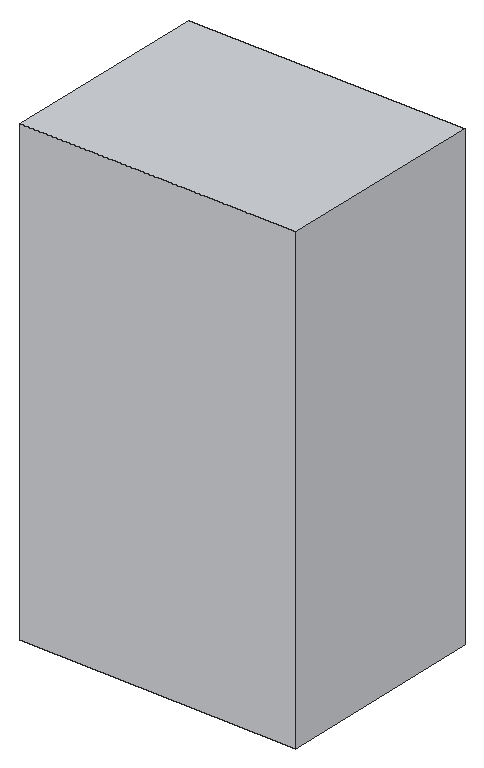
Revit family
Parameters
  Warranty Duration (Years) = 0
  Unit Width [instance] = 1' - 6"
  Unit Height [instance] = 0' - 5 1/2"
  Unit Depth = 0' - 0 3/4"
  URL = "http://www.americanspecialties.com/viewCategories.cfm"
  Trim Material = Metal - Stainless Steel
  Test Data = ""
  Specification = "http://www.arcat.com/sdspecs/htm/10810asi.htm"
  SpecWizard = ""
  Send Message = "http://www.arcat.com/users.pl?action=UserEmail&company=American%20Specialties,%20Inc.&coid=30448&rep=139&fax=914-476-0688&mf="
  Sales Information = "http://www.americanspecialties.com/contact"
  Revision = "R1_10-2010"
  Product Properties = "http://www.americanspecialties.com/datasheets/128-1.pdf"
  Product Data = "http://www.arcat.com/arcatcos/cos30/arc30448.html"
  Model = "As Specified in 10 28 13"
  Manufacturer Website = "http://www.americanspecialties.com/viewCategories.cfm"
  Manufacturer Phone - Toll Free = ""
  Manufacturer Phone = "914-476-9000 "
  Manufacturer Fax = "914-476-0688"
  Manufacturer Address = "441 Saw Mill River Rd., Yonkers, NY 10701"
  Manufacturer = "American Specialties, Inc."
  Maintenance Schedule (Months) = 0
  Keynote = "10 28 13"
  Installation-Fabrication = "http://www.americanspecialties.com/products.cfm"
  Green Building-LEED = ""
  Expected Lifespan (Years) = 0
  Drawn By = "Robert S. Weygant. CSI, CDT, SCIP"  # constant formula
  Description = "Toilet Accessory as Specified in 10 28 13"
  Default Elevation = 4' - 0"
  Copyright = "©Arcat Inc."
  Construction Details = "http://www.arcat.com/green/clients/leed_data_30448.html"
  Building Codes = "http://www.americanspecialties.com/products.cfm"
  Body Material = Metal - Stainless Steel
  Assembly Code = "C1030210"
Reference planes (in)
  plane 1 "Center (Front/Back)": y = -0.29112
  plane 2 "Floor Line": z = 0
  plane 3 "Center (Left/Right)": x = -0.65843
Forms (in)
  Extrusion 1, solid
    sketch origin (-3, -9, -6) x (0, 0, -1) y (1, 0, 0)
      loop
        line (-82, 26) -> (-82, -19.34712) -> (-6, -19.34712) -> (-6, 26) -> (-82, 26)
    from 9 to -25.60721
  Extrusion 2, solid, material "Metal - Stainless Steel" <- "Body Material"
    sketch origin (-6.875, 0.625, 0) x (1, 0, 0) y (0, 1, 0)
      loop
        line (-2.78343, 1.83388) -> (-2.78343, -3.16612)
        arc (-2.78343, -3.16612) -> (-2.63699, -3.51967) -> (-2.28343, -3.66612) r 0.5
        line (-2.28343, -3.66612) -> (14.71657, -3.66612)
        arc (14.71657, -3.66612) -> (15.07012, -3.51967) -> (15.21657, -3.16612) r 0.5
        line (15.21657, -3.16612) -> (15.21657, 1.83388) -> (-2.78343, 1.83388)
      loop
        circle (-1.28343, -2.97862) r 0.18394
      loop
        circle (6.21657, -2.97862) r 0.18394
      loop
        circle (13.71657, -2.97862) r 0.18394
    from 0 to 0.75
  Extrusion 3, solid, material "Metal - Stainless Steel" <- "Body Material"
    sketch origin (-0.65843, 0, 0) x (0, 1, 0) y (0, 0, 1)
      loop
        line (7.95888, 0) -> (7.95888, 0.25) -> (2.70888, 0.25) -> (2.70888, 8) -> (2.45888, 8) -> (2.45888, 0) -> (7.95888, 0)
    from -9 to 9
  Extrusion 4, solid, material "Metal - Stainless Steel" <- "Body Material"
    sketch origin (-0.65843, 0, 0) x (0, 1, 0) y (0, 0, 1)
      loop
        line (7.95888, 0.25) -> (2.70888, 8) -> (2.70888, 0.25) -> (7.95888, 0.25)
    from 8.75 to 9
  Extrusion 5, solid, material "Metal - Stainless Steel" <- "Body Material"
    sketch origin (-0.65843, 0, 0) x (0, 1, 0) y (0, 0, -1)
      loop
        line (7.95888, -0.25) -> (2.70888, -0.25) -> (2.70888, -8) -> (7.95888, -0.25)
    from 8.75 to 9
  Extrusion 6, solid, material "Metal - Stainless Steel" <- "Trim Material"
    sketch origin (-6.19366, 0.01684, -0.125) x (1, 0, 0) y (0, 1, 0)
      loop
        circle (-2.03343, -0.29112) r 0.12196
    from 0.72731 to 0.875
  Revolve 7, solid, material "Metal - Stainless Steel" <- "Trim Material"
    sketch origin (-7.3217, 0.01684, -0.125) x (0, 1, 0) y (0, 0, 1)
      loop
        line (-0.29112, 1.27196) -> (-0.29112, 0.875) -> (0.18146, 0.875)
        spline (0.18146, 0.875) -> (0.17742, 0.92681) -> (0.16536, 0.97774) -> (0.14549, 1.02691) -> (0.11815, 1.07348) -> (0.0838, 1.11665) -> (0.04305, 1.15569) -> (-0.00343, 1.18993) -> (-0.05483, 1.21878) -> (-0.11027, 1.24174) -> (-0.16881, 1.25843) -> (-0.22943, 1.26856) -> (-0.29112, 1.27196)
      axis (-0.29112, 0.875) -> (-0.29112, 1.27196)
    angle from 0 to 360
  Extrusion 8, solid, material "Metal - Stainless Steel" <- "Trim Material"
    sketch origin (-7.3217, 0.01684, -0.125) x (0, 1, 0) y (0, 0, 1)
      loop
        arc (-0.17449, 0.98159) -> (-0.1544, 0.86766) -> (-0.04047, 0.88775) r 0.0818
        line (-0.04047, 0.88775) -> (0.65841, 1.88586)
        arc (0.65841, 1.88586) -> (0.63832, 1.99979) -> (0.52439, 1.9797) r 0.0818
        line (0.52439, 1.9797) -> (-0.17449, 0.98159)
    from -0.04453 to 0.03585
  Extrusion 9, solid, material "Metal - Stainless Steel" <- "Trim Material"
    sketch origin (-8.44974, 0.01684, -0.125) x (-1, 0, 0) y (0, -1, 0)
      loop
        circle (-2.03343, 0.29112) r 0.12196
    from 0.72731 to 0.875
  Extrusion 10, solid, material "Metal - Stainless Steel" <- "Trim Material"
    sketch origin (-1.72491, 0.01684, -0.125) x (1, 0, 0) y (0, 1, 0)
      loop
        circle (-2.03343, -0.29112) r 0.12196
    from 0.72731 to 0.875
  Revolve 11, solid, material "Metal - Stainless Steel" <- "Trim Material"
    sketch origin (-2.85295, 0.01684, -0.125) x (0, 1, 0) y (0, 0, 1)
      loop
        line (-0.29112, 1.27196) -> (-0.29112, 0.875) -> (0.18146, 0.875)
        spline (0.18146, 0.875) -> (0.17742, 0.92681) -> (0.16536, 0.97774) -> (0.14549, 1.02691) -> (0.11815, 1.07348) -> (0.0838, 1.11665) -> (0.04305, 1.15569) -> (-0.00343, 1.18993) -> (-0.05483, 1.21878) -> (-0.11027, 1.24174) -> (-0.16881, 1.25843) -> (-0.22943, 1.26856) -> (-0.29112, 1.27196)
      axis (-0.29112, 0.875) -> (-0.29112, 1.27196)
    angle from 0 to 360
  Extrusion 12, solid, material "Metal - Stainless Steel" <- "Trim Material"
    sketch origin (-2.85295, 0.01684, -0.125) x (0, 1, 0) y (0, 0, 1)
      loop
        arc (-0.17449, 0.98159) -> (-0.1544, 0.86766) -> (-0.04047, 0.88775) r 0.0818
        line (-0.04047, 0.88775) -> (0.65841, 1.88586)
        arc (0.65841, 1.88586) -> (0.63832, 1.99979) -> (0.52439, 1.9797) r 0.0818
        line (0.52439, 1.9797) -> (-0.17449, 0.98159)
    from -0.04453 to 0.03585
  Extrusion 13, solid, material "Metal - Stainless Steel" <- "Trim Material"
    sketch origin (-3.98099, 0.01684, -0.125) x (-1, 0, 0) y (0, -1, 0)
      loop
        circle (-2.03343, 0.29112) r 0.12196
    from 0.72731 to 0.875
  Extrusion 14, solid, material "Metal - Stainless Steel" <- "Trim Material"
    sketch origin (2.74384, 0.01684, -0.125) x (1, 0, 0) y (0, 1, 0)
      loop
        circle (-2.03343, -0.29112) r 0.12196
    from 0.72731 to 0.875
  Revolve 15, solid, material "Metal - Stainless Steel" <- "Trim Material"
    sketch origin (1.6158, 0.01684, -0.125) x (0, 1, 0) y (0, 0, 1)
      loop
        line (-0.29112, 1.27196) -> (-0.29112, 0.875) -> (0.18146, 0.875)
        spline (0.18146, 0.875) -> (0.17742, 0.92681) -> (0.16536, 0.97774) -> (0.14549, 1.02691) -> (0.11815, 1.07348) -> (0.0838, 1.11665) -> (0.04305, 1.15569) -> (-0.00343, 1.18993) -> (-0.05483, 1.21878) -> (-0.11027, 1.24174) -> (-0.16881, 1.25843) -> (-0.22943, 1.26856) -> (-0.29112, 1.27196)
      axis (-0.29112, 0.875) -> (-0.29112, 1.27196)
    angle from 0 to 360
  Extrusion 16, solid, material "Metal - Stainless Steel" <- "Trim Material"
    sketch origin (1.6158, 0.01684, -0.125) x (0, 1, 0) y (0, 0, 1)
      loop
        arc (-0.17449, 0.98159) -> (-0.1544, 0.86766) -> (-0.04047, 0.88775) r 0.0818
        line (-0.04047, 0.88775) -> (0.65841, 1.88586)
        arc (0.65841, 1.88586) -> (0.63832, 1.99979) -> (0.52439, 1.9797) r 0.0818
        line (0.52439, 1.9797) -> (-0.17449, 0.98159)
    from -0.04453 to 0.03585
  Extrusion 17, solid, material "Metal - Stainless Steel" <- "Trim Material"
    sketch origin (0.48776, 0.01684, -0.125) x (-1, 0, 0) y (0, -1, 0)
      loop
        circle (-2.03343, 0.29112) r 0.12196
    from 0.72731 to 0.875
  Extrusion 18, solid, material "Metal - Stainless Steel" <- "Trim Material"
    sketch origin (7.21259, 0.01684, -0.125) x (1, 0, 0) y (0, 1, 0)
      loop
        circle (-2.03343, -0.29112) r 0.12196
    from 0.72731 to 0.875
  Revolve 19, solid, material "Metal - Stainless Steel" <- "Trim Material"
    sketch origin (6.08455, 0.01684, -0.125) x (0, 1, 0) y (0, 0, 1)
      loop
        line (-0.29112, 1.27196) -> (-0.29112, 0.875) -> (0.18146, 0.875)
        spline (0.18146, 0.875) -> (0.17742, 0.92681) -> (0.16536, 0.97774) -> (0.14549, 1.02691) -> (0.11815, 1.07348) -> (0.0838, 1.11665) -> (0.04305, 1.15569) -> (-0.00343, 1.18993) -> (-0.05483, 1.21878) -> (-0.11027, 1.24174) -> (-0.16881, 1.25843) -> (-0.22943, 1.26856) -> (-0.29112, 1.27196)
      axis (-0.29112, 0.875) -> (-0.29112, 1.27196)
    angle from 0 to 360
  Extrusion 20, solid, material "Metal - Stainless Steel" <- "Trim Material"
    sketch origin (6.08455, 0.01684, -0.125) x (0, 1, 0) y (0, 0, 1)
      loop
        arc (-0.17449, 0.98159) -> (-0.1544, 0.86766) -> (-0.04047, 0.88775) r 0.0818
        line (-0.04047, 0.88775) -> (0.65841, 1.88586)
        arc (0.65841, 1.88586) -> (0.63832, 1.99979) -> (0.52439, 1.9797) r 0.0818
        line (0.52439, 1.9797) -> (-0.17449, 0.98159)
    from -0.04453 to 0.03585
  Extrusion 21, solid, material "Metal - Stainless Steel" <- "Trim Material"
    sketch origin (4.95651, 0.01684, -0.125) x (-1, 0, 0) y (0, -1, 0)
      loop
        circle (-2.03343, 0.29112) r 0.12196
    from 0.72731 to 0.875
  Extrusion 22, solid, material "Metal - Stainless Steel" <- "Trim Material", not visible
    sketch origin (-6.19366, 0.01684, 0) x (1, 0, 0) y (0, 1, 0)
      loop
        circle (-2.03343, -0.29112) r 0.12196
    from 0.72731 to 0.875
  Revolve 23, solid, material "Metal - Stainless Steel" <- "Trim Material", not visible
    sketch origin (-7.3217, 0.01684, 0) x (0, 1, 0) y (0, 0, 1)
      loop
        line (-0.29112, 1.27196) -> (-0.29112, 0.875) -> (0.18146, 0.875)
        spline (0.18146, 0.875) -> (0.17742, 0.92681) -> (0.16536, 0.97774) -> (0.14549, 1.02691) -> (0.11815, 1.07348) -> (0.0838, 1.11665) -> (0.04305, 1.15569) -> (-0.00343, 1.18993) -> (-0.05483, 1.21878) -> (-0.11027, 1.24174) -> (-0.16881, 1.25843) -> (-0.22943, 1.26856) -> (-0.29112, 1.27196)
      axis (-0.29112, 0.875) -> (-0.29112, 1.27196)
    angle from 0 to 360
  Extrusion 24, solid, material "Metal - Stainless Steel" <- "Trim Material", not visible
    sketch origin (-7.3217, 0.01684, 0) x (0, 1, 0) y (0, 0, 1)
      loop
        arc (-0.17449, 0.98159) -> (-0.1544, 0.86766) -> (-0.04047, 0.88775) r 0.0818
        line (-0.04047, 0.88775) -> (0.65841, 1.88586)
        arc (0.65841, 1.88586) -> (0.63832, 1.99979) -> (0.52439, 1.9797) r 0.0818
        line (0.52439, 1.9797) -> (-0.17449, 0.98159)
    from -0.04453 to 0.03585
  Extrusion 25, solid, material "Metal - Stainless Steel" <- "Trim Material", not visible
    sketch origin (-8.44974, 0.01684, 0) x (-1, 0, 0) y (0, -1, 0)
      loop
        circle (-2.03343, 0.29112) r 0.12196
    from 0.72731 to 0.875
  Extrusion 26, void
    sketch origin (0, 0, 0) x (1, 0, 0) y (0, 1, 0)
      loop
        circle (-0.65843, 6.45888) r 0.18394
      loop
        circle (-8.15843, 6.45888) r 0.18394
      loop
        circle (6.84157, 6.45888) r 0.18394
    from 0 to 12
Cuts and joins
  Extrusion 26 cuts Extrusion 3
Dimensions and locks (in)
  "Unit Depth": Extrusion 2 to Extrusion 2
  equal spacing: Extrusion 2 sketch curve, plane 1 "Center (Front/Back)", Extrusion 2 sketch curve, locked at 2.75 each
  Extrusion 2 sketch curve to Extrusion 2 sketch curve = 0' - 5 1/2"
  aligned and locked: Extrusion 1 to level
  aligned and locked: Extrusion 2 to Extrusion 3
  aligned and locked: Extrusion 3 to Extrusion 4  (x3)
  aligned and locked: Extrusion 3 to Extrusion 5  (x2)
  aligned and locked: Extrusion 6 to Extrusion 9
  aligned and locked: Extrusion 10 to Extrusion 13
  aligned and locked: Extrusion 14 to Extrusion 17
  aligned and locked: Extrusion 18 to Extrusion 21
  aligned and locked: Extrusion 2 to Extrusion 21
  aligned and locked: Extrusion 2 to Revolve 11
  aligned and locked: Extrusion 2 to Revolve 7
  aligned and locked: Extrusion 2 to Revolve 15
Automatic sketch dimensions
  Extrusion 1 sketch curve to Extrusion 1 sketch curve = 6' - 4"
  Extrusion 1 sketch curve to Extrusion 1 sketch curve = 3' - 9.34712"
  Extrusion 3 sketch curve to level = 0' - 0"
  Extrusion 3 sketch curve to plane 1 "Center (Front/Back)" = 0' - 2 3/4"
  Extrusion 3 sketch curve to Extrusion 3 sketch curve = 0' - 0 1/4"  (x2)
  Extrusion 3 sketch curve to Extrusion 3 sketch curve = 0' - 5 1/4"
  Extrusion 3 sketch curve to Extrusion 3 sketch curve = 0' - 7 3/4"
  level to Extrusion 4 sketch curve = 0' - 0 1/4"
  Extrusion 4 sketch curve to plane 1 "Center (Front/Back)" = 0' - 3"
  Extrusion 4 sketch curve to Extrusion 4 sketch curve = 0' - 5 1/4"
  Extrusion 4 sketch curve to Extrusion 4 sketch curve = 0' - 7 3/4"
  level to Extrusion 5 sketch curve = 0' - 0 1/4"
  Extrusion 5 sketch curve to plane 1 "Center (Front/Back)" = 0' - 3"
  Extrusion 5 sketch curve to Extrusion 5 sketch curve = 0' - 5 1/4"
  Extrusion 5 sketch curve to Extrusion 5 sketch curve = 0' - 7 3/4"
  Extrusion 2 sketch curve to plane 3 "Center (Left/Right)" = 0' - 0"
  plane 1 "Center (Front/Back)" to Extrusion 2 sketch curve = 0' - 2 1/16"  (x3)
  Extrusion 2 sketch curve to plane 3 "Center (Left/Right)" = 0' - 7 1/2"
  Extrusion 2 sketch curve to Extrusion 2 sketch curve = 0' - 1"  (x2)
  Extrusion 2 sketch curve to Extrusion 2 sketch curve = 0' - 0 1/2"  (x2)
  Extrusion 2 sketch curve to Extrusion 2 sketch curve = 0' - 7 1/2"
  Extrusion 26 sketch curve to plane 3 "Center (Left/Right)" = 0' - 0"
  Extrusion 26 sketch curve to plane 1 "Center (Front/Back)" = 0' - 6 3/4"  (x3)
  Extrusion 26 sketch curve to plane 3 "Center (Left/Right)" = 0' - 7 1/2"
  Extrusion 26 sketch curve to Extrusion 26 sketch curve = 0' - 7 1/2"
  radius of Extrusion 2 sketch curve = 0' - 0.18394"  (x3)
  radius of Extrusion 26 sketch curve = 0' - 0.18394"  (x3)
